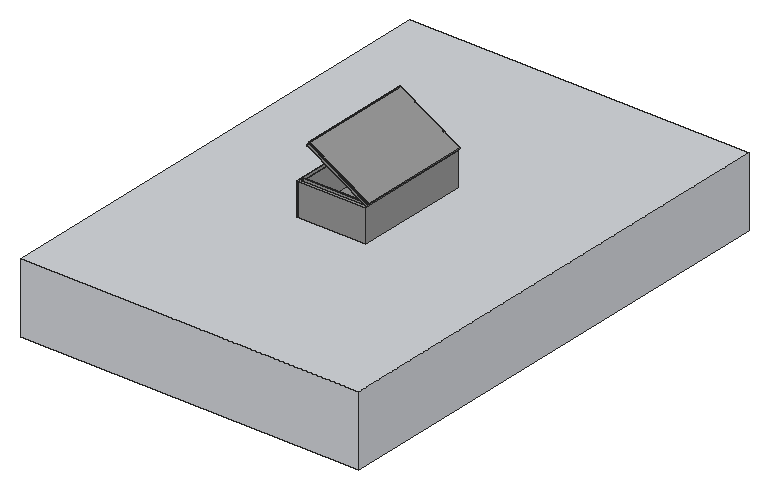
Revit family "Hager-Univers-IP44-D161-3rows-Cl.II-FWB_encl_empty-DE-de", category Equipement électrique, Revit 2020
Family settings
  Hôte = Face
  Configuration du panneau = Deux colonnes, circuits au sein
  Cote de connecteur circulaire = Utiliser le diamètre
  Type d'élément = Tableau de raccordement
  Couper avec des vides une fois chargée = Non
  Partagée = Non
  Point de calcul de pièce = Non
Parameters (values of type "Aufputz IP44 B300 H500 T161  - FWB31D")
  Width Control [instance] = if([EF000008 - Breite] > Min Width, [EF000008 - Breite], Min Width)  # 300 mm
  Commentaires du type = [HG000003 - Bereich]  # "Univers"
  Thickness Door [instance] = if([EF009171 - Materialstärke Tür/Deckel] > 3 mm, 3 mm, [EF009171 - Materialstärke Tür/Deckel])  # 2 mm
  Seal Frame Offset [instance] = 17 mm  # constant formula
  Plinth Visibility [instance] = [HG000027 - Sockelhöhe] > 0 mm  # no
  Model = ""
  Min Width [instance] = 100 mm  # constant formula
  Min Height [instance] = 100 mm  # constant formula
  Min Depth [instance] = (2 * [EF009170 - Materialstärke Gehäuse]) + 1 mm  # 5 mm
  Internal Frame Depth [instance] = (Door System Depth * 0.5)  # 9 mm
  Height Control [instance] = if([EF000040 - Höhe] > Min Height, [EF000040 - Höhe], Min Height)  # 500 mm
  HG000027 - Sockelhöhe = 0 mm
  HG000026 - Stehend auf dem Boden = no
  HG000024 - Höhe des unteren Teils = 800 mm
  HG000023 - Gehäuse mit doppeltem Querschnitt = no
  HG000016 - 3D-Türsichtbarkeit [instance] = yes
  HG000015 - Sichtbarkeit der Türöffnung [instance] = no
  HG000014 - Tür rechts [instance] = yes
  HG000013 - Tür links [instance] = not([HG000014 - Tür rechts])  # no
  HG000012 - Türschwenkwinkel [instance] = 30.00°
  HG000010 - Asymmetrische Türen = no
  HG000009 - Doppelflügeligen Tür = no
  HG000006 - Unterputz = no
  HG000004 - Herstellerreferenz = "FWB31D"
  HG000003 - Bereich = "Univers"
  HG000002 - Mit tür = yes
  Frame Offset Bottom [instance] = 10 mm  # constant formula
  Frame Offset [instance] = 15 mm  # constant formula
  EF015940 - Deckel mit Überdruckentlastung = no
  EF011959 - Schutzart (NEMA) = ""
  EF009554 - Anzahl der Öffnungen für Flanschplatten = 2
  Fabricant = "Hager"  # constant formula
  EF009212 - Ausführung Deckel = "EV000116 - geschlossen"
  EF009171 - Materialstärke Tür/Deckel = 2 mm
  EF009170 - Materialstärke Gehäuse = 2 mm
  EF008873 - Nennstrom (In) = 125 A
  EF007800 - Geeignet für Blitzschutz = no
  EF006306 - Mit Schloss = no
  EF006244 - Transparenter Deckel/Tür = no
  EF005474 - Schutzart (IP) = "EV006418 - IP44"
  EF004464 - Art der Tür = "EV002646 - Einzel"
  EF004427 - Anzahl der Module = 36
  EF004293 - Schlagfestigkeit = "EV006815 - IK09"
  EF003532 - Geeignet für Außengebrauch = no
  EF002950 - Breite in Teilungseinheiten = 12
  EF001613 - Funktionserhalt = "EV000494 - ohne"
  EF001596 - Werkstoff des Gehäuses = "EV000179 - Stahl"
  EF001131 - Innentiefe = 156 mm
  EF001088 - Anbaumöglichkeit = yes
  EF000437 - Anzahl der Leitungseinführungen = 4
  EF000339 - Art der Abdeckung = "EV004216 - Tür"
  EF000266 - Anzahl der Reihen = 0
  EF000218 - Einbautiefe = 0 mm
  EF000118 - Mit Montageplatte = no
  EF000116 - RAL-Nummer = "9010"
  EF000049 - Tiefe = 161 mm
  EF000040 - Höhe = 500 mm
  EF000008 - Breite = 300 mm
  EF000007 - Farbe = "EV000202 - weiß"
  EF000003 - Montageart = "EV000384 - Aufputz"
  Door System Leaf Tolerance [instance] = 1.5 mm  # constant formula
  Door System Depth [instance] = 18 mm  # constant formula
  Door Height [instance] = Height Control - [HG000027 - Sockelhöhe]  # 500 mm
  Depth Control [instance] = if([EF000049 - Tiefe] > Min Depth, [EF000049 - Tiefe], Min Depth)  # 161 mm
  Default Elevation = 0 mm
  Connector Offset [instance] = Height Control / 2  # 250 mm
  Bottom Top Plate Trim [instance] = 1.5 mm  # constant formula
  Plinth height Ctrl [instance] = if([HG000027 - Sockelhöhe] > 0 mm, [HG000027 - Sockelhöhe], 12 mm)  # 12 mm
Reference planes
  plane 1 "Center (Front/Back)": y = 0
  plane 2: z = 0
  plane 3 "Center (Left/Right)": x = 0
  plane 4: z = 161
  plane 5: y = 2
  plane 6: y = 250
  plane 7: y = 0
  plane 8: y = 500
  plane 9: z = 0
  plane 10: x = -135
  plane 11: x = 135
  plane 12: x = 133
  plane 13: x = -133
  plane 14: y = 498
  plane 15: x = -133
  plane 16: x = -150
  plane 17: x = 133
  plane 18: x = 150
  plane 19: x = 148
  plane 20: x = -148
  plane 21: y = 12
  plane 22: y = 500
  plane 23: y = 483
  plane 24: z = 143
  plane 25: z = 2
  plane 26: z = 141
  plane 27: z = 159
Forms (mm)
  Extrusion 1, solid
    sketch origin (0, 0, 0) x (1, 0, 0) y (0, 1, 0)
      loop
        line (-702.964, 1305) -> (-702.964, -811.445) -> (766.763, -811.445) -> (766.763, 1305) -> (-702.964, 1305)
    from 0 to -304.8
  Extrusion 2, solid, material "Hager_Steel_RAL7035_Light_Grey", visible <- "Plinth Visibility", detail levels medium+fine
    sketch origin (0, 0, 0) x (1, 0, 0) y (0, 1, 0)
      loop
        line (-150, 0) -> (150, 0) -> (150, 12) -> (-150, 12) -> (-150, 0)
    from 0 to 143
  Extrusion 3, solid, material "Hager_Steel_RAL7035_Light_Grey", detail levels medium+fine
    sketch origin (0, 0, 0) x (1, 0, 0) y (0, 1, 0)
      loop
        line (-150, 0) -> (150, 0) -> (150, 500) -> (-150, 500) -> (-150, 0)
    from 0 to 143
  Extrusion 4, void
    sketch origin (0, 0, 0) x (1, 0, 0) y (0, 1, 0)
      loop
        line (-148, 2) -> (148, 2) -> (148, 498) -> (-148, 498) -> (-148, 2)
    from 2 to 141
  Extrusion 5, void
    sketch origin (-381.607, -4572, 143) x (0, -1, 0) y (-1, 0, 0)
      loop
        line (-4584, -248.607) -> (-5055, -248.607) -> (-5055, -514.607) -> (-4584, -514.607) -> (-4584, -248.607)
    from 0 to 2 <- "EF009170 - Materialstärke Gehäuse"
  Extrusion 6, solid, material "Hager_Steel_RAL7035_Light_Grey", detail levels fine
    sketch origin (0, 0, 143) x (1, 0, 0) y (0, 1, 0)
      loop
        line (-133, 483) -> (-133, 12) -> (133, 12) -> (133, 483) -> (-133, 483)
      loop
        line (-135, 10) -> (135, 10) -> (135, 485) -> (-135, 485) -> (-135, 10)
    from 0 to 9 <- "Internal Frame Depth"
  Extrusion 7, solid, material "Hager_Steel_RAL7035_Light_Grey", detail levels coarse
    sketch origin (0, 0, 0) x (1, 0, 0) y (0, 1, 0)
      loop
        line (-150, 0) -> (150, 0) -> (150, 500) -> (-150, 500) -> (-150, 0)
    from 0 to 161
  Sweep 8, void
    path in 3D
      loop
        line (-150, 12, 0) -> (150, 12, 0) -> (150, 12, 143) -> (-150, 12, 143) -> (-150, 12, 0)
    profile origin (-150, 12, 71.5) x (-1, 0, 0) y (0, -1, 0)
      loop
        line (0, 0) -> (0, 1.5) -> (-1.5, 1.5)
        arc (-1.5, 1.5) -> (-1.061, 0.439) -> (0, 0) r 1.5
Cuts and joins
  Extrusion 4, Extrusion 5 cuts Extrusion 3
  Sweep 8 cuts Extrusion 2
Lines and regions (mm)
  Masking region 1
    outline origin (0, 0, 0) x (1, 0, 0) y (0, 0, 1)
      loop
        line (-150, 161) -> (-150, 0) -> (150, 0) -> (150, 161) -> (-150, 161)
  Masking region 2, detail levels medium+fine
    outline origin (0, 140, 0) x (0, 1, 0) y (0, 0, 1)
      loop
        line (-140, 0) -> (360, 0) -> (360, 143) -> (-140, 143) -> (-140, 0)
  Masking region 3, not visible, detail levels medium+fine
    outline origin (0, 297.922, 0) x (0, 1, 0) y (0, 0, 1)
      loop
        line (-36.422, 0) -> (3.578, 0) -> (3.578, 149)
        arc (3.578, 149) -> (0.649, 156.071) -> (-6.422, 159) r 10
        line (-6.422, 159) -> (-36.422, 159) -> (-36.422, 0)
  Masking region 4, detail levels coarse
    outline origin (0, 0, 180) x (0, 1, 0) y (0, 0, 1)
      loop
        line (0, -180) -> (500, -180) -> (500, -19) -> (0, -19) -> (0, -180)
  Masking region 5, visible <- "Plinth Visibility", detail levels medium+fine
    outline origin (0, 52.24, 12.345) x (0, 0, -1) y (0, 1, 0)
      loop
        line (10.845, -40.24) -> (-129.155, -40.24)
        arc (-129.155, -40.24) -> (-129.594, -41.301) -> (-130.655, -41.74) r 1.5
        line (-130.655, -41.74) -> (-130.655, -52.24) -> (12.345, -52.24) -> (12.345, -41.74)
        arc (12.345, -41.74) -> (11.285, -41.301) -> (10.845, -40.24) r 1.5
  Masking region 6, detail levels medium+fine
    outline origin (-381.607, -4572, 143) x (-1, 0, 0) y (0, -1, 0)
      loop
        line (-231.607, -5072) -> (-231.607, -4572) -> (-531.607, -4572) -> (-531.607, -5072) -> (-231.607, -5072)
  Masking region 7, visible <- "Plinth Visibility", detail levels medium+fine
    outline origin (-381.607, -4727, 143) x (-1, 0, 0) y (0, -1, 0)
      loop
        arc (-233.107, -4739) -> (-232.668, -4737.939) -> (-231.607, -4737.5) r 1.5
        line (-231.607, -4737.5) -> (-231.607, -4727) -> (-531.607, -4727) -> (-531.607, -4737.5)
        arc (-531.607, -4737.5) -> (-530.546, -4737.939) -> (-530.107, -4739) r 1.5
        line (-530.107, -4739) -> (-233.107, -4739)
  Masking region 8, detail levels coarse
    outline origin (-442.548, -4669.526, 143) x (-1, 0, 0) y (0, -1, 0)
      loop
        line (-292.548, -5169.526) -> (-292.548, -4669.526) -> (-592.548, -4669.526) -> (-592.548, -5169.526) -> (-292.548, -5169.526)
  sketch lines
    curve 1: line (-150, 12, 143) -> (-150, 12, 0)
    curve 2: line (150, 12, 143) -> (-150, 12, 143)
    curve 3: line (150, 12, 143) -> (150, 12, 0)
    curve 4: line (-150, 12, 0) -> (150, 12, 0)
Dimensions and locks
  "Depth Control": plane 4 to Extrusion 1
  "HG000027 - Sockelhöhe": plane 1 "Center (Front/Back)" to plane 7
  "EF009170 - Materialstärke Gehäuse": plane 5 to plane 7
  locked: connector elem to plane 3 "Center (Left/Right)"
  equal spacing: plane 8, plane 6, plane 7
  locked: connector elem to plane 6
  "EF009170 - Materialstärke Gehäuse": plane 8 to plane 14
  "EF009170 - Materialstärke Gehäuse": plane 10 to plane 13
  "EF009170 - Materialstärke Gehäuse": plane 12 to plane 11
  "Frame Offset": plane 20 to plane 13
  "Frame Offset": plane 12 to plane 19
  "EF009170 - Materialstärke Gehäuse": plane 16 to plane 20
  "EF009170 - Materialstärke Gehäuse": plane 19 to plane 18
  "Seal Frame Offset": plane 16 to plane 15
  "Seal Frame Offset": plane 17 to plane 18
  "Frame Offset Bottom": plane 21 to plane 5
  "Frame Offset": plane 14 to plane 23
  equal spacing: plane 16, plane 3 "Center (Left/Right)", plane 18
  "Width Control": plane 16 to plane 18
  "EF009170 - Materialstärke Gehäuse": plane 4 to plane 27
  "EF009170 - Materialstärke Gehäuse": plane 24 to plane 26
  "EF009170 - Materialstärke Gehäuse": plane 25 to level
  "Door System Depth": plane 4 to plane 24
  "Height Control": plane 1 "Center (Front/Back)" to Extrusion 7 sketch curve
  "Height Control": Masking region 4 sketch curve to plane 1 "Center (Front/Back)"
  "Height Control": plane 1 "Center (Front/Back)" to plane 22
  "Bottom Top Plate Trim": profile plane to Sweep 8 sketch curve
  "Bottom Top Plate Trim": Sweep 8 sketch curve to profile plane
  "Plinth height Ctrl": plane 1 "Center (Front/Back)" to Extrusion 2 sketch curve
  "Plinth height Ctrl": Masking region 5 sketch curve to plane 1 "Center (Front/Back)"
  "Plinth height Ctrl": plane 1 "Center (Front/Back)" to Masking region 7 sketch curve
  "Thickness Door": Extrusion 6 sketch curve to Extrusion 6 sketch curve  (x3)
  "Thickness Door": cut or joined group of Extrusion 3, Extrusion 4, Extrusion 5 to Extrusion 6 sketch curve
  radius of Masking region 3 sketch curve = 10 mm
  "Bottom Top Plate Trim": radius of Masking region 5 sketch curve  (x2)
  "Bottom Top Plate Trim": radius of Sweep 8 sketch curve
  "Bottom Top Plate Trim": radius of Masking region 7 sketch curve  (x2)
  aligned and locked: plane 2 to Extrusion 1
  aligned and locked: level to Extrusion 1
  aligned and locked: level to Masking region 1 sketch curve
  aligned and locked: Masking region 1 sketch curve to plane 18
  aligned and locked: Masking region 1 sketch curve to plane 16
  aligned and locked: plane 7 to Masking region 2 sketch curve
  aligned and locked: level to Masking region 3 sketch curve
  aligned and locked: Masking region 3 sketch curve to plane 27
  aligned and locked: level to Masking region 2 sketch curve
  aligned and locked: plane 1 "Center (Front/Back)" to Extrusion 2 sketch curve
  aligned and locked: Extrusion 3 sketch curve to plane 7
  aligned and locked: plane 16 to Extrusion 3 sketch curve
  aligned and locked: plane 18 to Extrusion 3 sketch curve
  aligned and locked: plane 20 to Extrusion 4 sketch curve
  aligned and locked: plane 19 to Extrusion 4 sketch curve
  aligned and locked: Extrusion 4 sketch curve to plane 5
  aligned and locked: Extrusion 4 to plane 25
  aligned and locked: plane 26 to Extrusion 4
  aligned and locked: plane 24 to Extrusion 3
  aligned and locked: plane 21 to Extrusion 5 sketch curve
  aligned and locked: Extrusion 5 sketch curve to plane 13
  aligned and locked: Extrusion 5 sketch curve to plane 12
  aligned and locked: plane 18 to Extrusion 7 sketch curve
  aligned and locked: plane 1 "Center (Front/Back)" to Extrusion 7 sketch curve
  aligned and locked: plane 16 to Extrusion 7 sketch curve
  aligned and locked: plane 4 to Extrusion 7
  aligned and locked: Extrusion 7 to level
  aligned and locked: level to Masking region 4 sketch curve
  aligned and locked: Masking region 4 sketch curve to plane 1 "Center (Front/Back)"
  aligned and locked: Masking region 4 sketch curve to plane 4
  aligned and locked: nested 1 to level
  aligned and locked: nested 1 to plane 16
  aligned and locked: plane 8 to Extrusion 3 sketch curve
  aligned and locked: plane 23 to Extrusion 5 sketch curve
  aligned and locked: plane 14 to Extrusion 4 sketch curve
  aligned and locked: Masking region 2 sketch curve to plane 8
  aligned and locked: level to Masking region 5 sketch curve
  aligned and locked: plane 16 to Extrusion 2 sketch curve
  aligned and locked: plane 18 to Extrusion 2 sketch curve
  aligned and locked: Masking region 5 sketch curve to plane 24
  aligned and locked: Masking region 2 sketch curve to plane 24
  aligned and locked: plane 24 to Extrusion 2
  aligned and locked: profile plane to Sweep 8 sketch curve  (x2)
  aligned and locked: Masking region 6 sketch curve to plane 18
  aligned and locked: Masking region 6 sketch curve to plane 22
  aligned and locked: Masking region 6 sketch curve to plane 16
  aligned and locked: plane 8 to plane 22
  aligned and locked: plane 7 to Masking region 6 sketch curve
  aligned and locked: Masking region 7 sketch curve to plane 16
  aligned and locked: Masking region 7 sketch curve to plane 1 "Center (Front/Back)"
  aligned and locked: Masking region 7 sketch curve to plane 18
  aligned and locked: Masking region 8 sketch curve to plane 1 "Center (Front/Back)"
  aligned and locked: Masking region 8 sketch curve to plane 18
  aligned and locked: Masking region 8 sketch curve to plane 22
  aligned and locked: Masking region 8 sketch curve to plane 16
  aligned and locked: nested 2 to plane 7
  aligned and locked: plane 3 "Center (Left/Right)" to nested 2
  aligned and locked: plane 24 to nested 2
  aligned and locked: Extrusion 6 sketch curve to cut or joined group of Extrusion 3, Extrusion 4, Extrusion 5  (x4)
Automatic sketch dimensions
  Extrusion 1 sketch curve to Extrusion 1 sketch curve = 1469.727 mm
  Extrusion 1 sketch curve to Extrusion 1 sketch curve = 2116.445 mm
  Masking region 1 sketch curve to plane 4 = 0 mm
  plane 6 to Masking region 3 sketch curve = 11.5 mm
  Masking region 3 sketch curve to Masking region 3 sketch curve = 30 mm
  Masking region 5 sketch curve to plane 1 "Center (Front/Back)" = 0 mm
Nested families
  nested 1: "Hager_Enclosure_Symbol" at (-150, 0, 0) x (1, 0, 0) z (0, -1, 0), Height <- "Depth Control", Width <- "Width Control", type "Hager_Enclosure_Symbol"
    with Width_Ctrl 300 mm, Width 300 mm, Height_Ctrl 161 mm, Height 161 mm, A_Width_Int 10.566 mm, A_Width 126.788 mm, A_Height_Ctrl 140.875 mm, A_Height 140.875 mm
  nested 2: "EC000058_Univers_Door" at (0, 0, 143) x (1, 0, 0) z (0, 1, 0), Leaf_Tolerance <- "Door System Leaf Tolerance", Angle <- "HG000012 - Türschwenkwinkel", Door_Depth <- "Door System Depth", Door_Left <- "HG000013 - Tür links", Transparent <- "EF006244 - Transparenter Deckel/Tür", Assymetrical <- "HG000010 - Asymmetrische Türen", Width <- "Width Control", Clearance <- "HG000015 - Sichtbarkeit der Türöffnung", Double <- "HG000009 - Doppelflügeligen Tür", 3d_Door <- "HG000016 - 3D-Türsichtbarkeit", Lock_Visibility <- "EF006306 - Mit Schloss", Width_Ctrl <- "Width Control", Door_Right <- "HG000014 - Tür rechts", Door <- "HG000002 - Mit tür", Height <- "Door Height", Thickness <- "Thickness Door", type "EC000058_Univers_Door", detail levels medium+fine
    with min_wh 5 mm, Width_Ctrl 300 mm, Width 300 mm, Transparent no, Thickness 2 mm, Seal_Material Hager_Rubber, Lock_Visibility no, Lock_Material Hager_Plastic_RAL9005_Jet_Black, Leaf_Width 300 mm, Leaf_Tolerance_External_Sides 0 mm, Leaf_Tolerance 1.5 mm, Leaf_Offset 0 mm, Leaf_Height 497 mm, Leaf_2_Width 300 mm, Leaf_2_Offset 150 mm, Leaf_1_Width 300 mm, Leaf_1_Offset 150 mm, Height_Ctrl 500 mm, Height 500 mm, Glass_Material Hager_Glass, Double_Clearance_Ctrl no, Double no, Door_Right_Ctrl yes, Door_Right yes, Door_Material Hager_Steel_RAL7035_Light_Grey, Door_Left_Ctrl no, Door_Left no, Door_Depth 18 mm, Door yes, Clearance_Material Hager_Clearance, Clearance_Depth 300 mm, Clearance_Ctrl no, Clearance no, Assymetrical no, Angle 30.00°, 3d_Door yes
Connectors
  electrical at (0, 250, 0)
    settings: on plane 9, index 1, voltage 0 V, apparent load 0 VA, apparent load phase1 0 VA, apparent load phase2 0 VA, apparent load phase3 0 VA, power factor 1, load classification "Other", number of poles 1, system type 30, power factor state 1, is connector primary yes, connector utility no, sub classification motor no, connector description ""
Definition of nested family "EC000058_Univers_Door"
  Parameters (values of type "EC000058_Univers_Door")
    min_wh [instance] = (2 * Thickness) + 1 mm  # 11 mm
    Width_Ctrl [instance] = 400 mm
    Width [instance] = 500 mm
    Transparent [instance] = yes
    Thickness [instance] = 5 mm
    Seal_Material [instance] = none
    Lock_Visibility [instance] = yes
    Lock_Material [instance] = none
    Leaf_Width [instance] = if((Width_Ctrl - 2 * Leaf_Tolerance_External_Sides) > 0 mm, (Width_Ctrl - 2 * Leaf_Tolerance_External_Sides), min_wh)  # 400 mm
    Leaf_Tolerance_External_Sides [instance] = 0 mm  # constant formula
    Leaf_Tolerance [instance] = 1.5 mm
    Leaf_Offset [instance] = 0 mm  # constant formula
    Leaf_Height [instance] = if((Height_Ctrl - 2 * Leaf_Tolerance) > 0 mm, (Height_Ctrl - 2 * Leaf_Tolerance), min_wh)  # 497 mm
    Leaf_2_Width [instance] = if(and(and(Double, Assymetrical), Door_Left), (Leaf_Width / 3) - (Leaf_Tolerance / 2), if(and(and(Double, Assymetrical), Door_Right), (Leaf_Width / 3) * 2 - (Leaf_Tolerance / 2), if(and(Double, not(Assymetrical)), (Leaf_Width / 2) - Leaf_Tolerance, Leaf_Width)))  # 400 mm
    Leaf_2_Offset [instance] = if(and(Double, Assymetrical), Leaf_2_Width / 2, if(and(Double, not(Assymetrical)), Leaf_Width / 4, Leaf_Width / 2))  # 200 mm
    Leaf_1_Width [instance] = if(and(and(Double, Assymetrical), Door_Right), (Leaf_Width / 3) - (Leaf_Tolerance / 2), if(and(and(Double, Assymetrical), Door_Left), (Width / 3) * 2 - (Leaf_Tolerance / 2), if(and(Double, not(Assymetrical)), (Leaf_Width / 2) - Leaf_Tolerance, Leaf_Width)))  # 400 mm
    Leaf_1_Offset [instance] = if(and(Double, Assymetrical), Leaf_1_Width / 2, if(and(Double, not(Assymetrical)), Leaf_Width / 4, Leaf_Width / 2))  # 200 mm
    Height_Ctrl [instance] = if(Height > min_wh, Height, min_wh)  # 500 mm
    Height [instance] = 500 mm
    Glass_Material [instance] = none
    Double_Clearance_Ctrl [instance] = and(Double, Clearance)  # no
    Double [instance] = no
    Door_Right_Ctrl [instance] = and(or(Door_Right, Double), Door)  # yes
    Door_Right [instance] = yes
    Door_Material [instance] = none
    Door_Left_Ctrl [instance] = and(or(Door_Left, Double), Door)  # no
    Door_Left [instance] = no
    Door_Depth [instance] = 30 mm
    Door [instance] = yes
    Default Elevation = 1219.2 mm
    Clearance_Material [instance] = none
    Clearance_Depth [instance] = if(Leaf_1_Width > Leaf_2_Width, Leaf_1_Width, Leaf_2_Width)  # 400 mm
    Clearance_Ctrl [instance] = and(not(Double), Clearance)  # yes
    Clearance [instance] = yes
    Assymetrical [instance] = yes
    Angle [instance] = 30.00°
    3d_Door [instance] = yes
  Reference planes
    plane 1 "Center (Front/Back)": y = 0
    plane 2 "Bottom": z = 0
    plane 3 "Center (Left/Right)": x = 0
    plane 4: z = 500
    plane 5: x = -200
    plane 6: x = 200
    plane 7: z = 500
    plane 8: x = -200
    plane 9: z = 0
    plane 10: x = 200
    plane 11: y = 0
    plane 12: z = 1.5
    plane 13: x = -600
    plane 14: y = -400
    plane 15: x = 600
    plane 16: x = 0
    plane 17: x = 0
    plane 18: x = -200
    plane 19: x = 200
    plane 20: z = 498.5
  Forms (mm)
    Extrusion 1, solid, material <- "Clearance_Material", visible <- "Double_Clearance_Ctrl"
      sketch origin (1200, 0, 0) x (1, 0, 0) y (0, 0, -1)
        loop
          line (-1800, -498.5) -> (-600, -498.5) -> (-600, 0) -> (-1800, 0) -> (-1800, -498.5)
      from 0 to -400
  Dimensions and locks
    equal spacing: plane 5, plane 3 "Center (Left/Right)", plane 6
    "Width_Ctrl": plane 5 to plane 6
    "Leaf_Offset": plane 5 to plane 8
    "Leaf_Offset": plane 6 to plane 10
    "Leaf_Offset": plane 9 to level
    "Leaf_Offset": plane 4 to plane 7
    "Height_Ctrl": plane 4 to level
    "Leaf_Tolerance": plane 12 to plane 9
    locked: plane 11 to plane 1 "Center (Front/Back)"
    "Leaf_1_Offset": plane 18 to plane 16
    "Leaf_2_Offset": plane 17 to plane 19
    "Leaf_1_Width": plane 13 to plane 8
    "Leaf_2_Width": plane 10 to plane 15
    "Clearance_Depth": plane 14 to plane 1 "Center (Front/Back)"
    "Leaf_Tolerance_External_Sides": plane 8 to plane 18
    "Leaf_Tolerance_External_Sides": plane 19 to plane 10
    "Leaf_Tolerance": plane 7 to plane 20
    aligned and locked: level to plane 2 "Bottom"
    aligned and locked: nested 1 to plane 16
    aligned and locked: nested 2 to plane 17
    aligned and locked: Extrusion 1 to plane 13
    aligned and locked: plane 15 to Extrusion 1
    aligned and locked: Extrusion 1 to plane 14
    aligned and locked: plane 12 to nested 1
    aligned and locked: nested 2 to plane 12
    aligned and locked: Extrusion 1 to plane 11
    aligned and locked: plane 20 to Extrusion 1
    aligned and locked: nested 2 to plane 11
    aligned and locked: nested 1 to plane 11
  Automatic sketch dimensions
    Extrusion 1 sketch curve to level = 0 mm
    plane 5 to Extrusion 1 sketch curve = 400 mm
    plane 6 to Extrusion 1 sketch curve = 400 mm
    Extrusion 1 sketch curve to plane 4 = 1.5 mm
  Nested families
    nested 1: "EC000058_Univers_Door_Leaf" at (0, 0, 1.5), Width <- "Leaf_1_Width", visible <- "Door_Left_Ctrl", Leaf_Height <- "Leaf_Height", Angle <- "Angle", 3d_Door <- "3d_Door", Transparent <- "Transparent", Clearance Material <- "Clearance_Material", Clearance <- "Clearance_Ctrl", Door_Material <- "Door_Material", Glass_Material <- "Glass_Material", Door_Depth <- "Door_Depth", Lock_Material <- "Lock_Material", Seal_Material <- "Seal_Material", Lock_Visibility <- "Lock_Visibility", Thickness <- "Thickness", type "EC000058_Univers_Door_Leaf"
      with Width 400 mm, Transparent_Glass_Offset 30 mm, Transparent_Ctrl yes, Transparent yes, Thickness 5 mm, Standard no, Seal_Material none, Seal_D2 8 mm, Seal_D1 1 mm, Offset_Internal_Frame 10 mm, Lock_Width 20 mm, Lock_Visibility_3d yes, Lock_Visibility yes, Lock_Thickness_3 3 mm, Lock_Thickness_2 1 mm, Lock_Thickness_1 3 mm, Lock_Radius_Offset_2 16 mm, Lock_Radius_Offset_1 15 mm, Lock_Radius_2 5 mm, Lock_Radius 6 mm, Lock_Offset 5 mm, Lock_Material none, Lock_Height 80 mm, Lock_Cover_Top_Offset_2d 17 mm, Lock_Cover_Height -65 mm, Leaf_Height 497 mm, Internal_Seal_Thickness 8 mm, Internal_Seal_Depth_2 4.5 mm, Internal_Frame_Depth 25 mm, Glass_Thickness -1 mm, Glass_Offset -2 mm, Glass_Material none, Door_Material none, Door_Depth 30 mm, Clearance Material none, Clearance yes, Angle_Ctrl 30.00°, Angle 30.00°, 3d_Door yes
    nested 2: "EC000058_Univers_Door_Leaf" at (0, 0, 1.5) x (-1, 0, 0) z (0, 0, 1), Width <- "Leaf_2_Width", visible <- "Door_Right_Ctrl", Leaf_Height <- "Leaf_Height", Angle <- "Angle", 3d_Door <- "3d_Door", Transparent <- "Transparent", Clearance Material <- "Clearance_Material", Clearance <- "Clearance_Ctrl", Door_Material <- "Door_Material", Glass_Material <- "Glass_Material", Door_Depth <- "Door_Depth", Lock_Material <- "Lock_Material", Seal_Material <- "Seal_Material", Lock_Visibility <- "Lock_Visibility", Thickness <- "Thickness", type "EC000058_Univers_Door_Leaf"
      with Width 400 mm, Transparent_Glass_Offset 30 mm, Transparent_Ctrl yes, Transparent yes, Thickness 5 mm, Standard no, Seal_Material none, Seal_D2 8 mm, Seal_D1 1 mm, Offset_Internal_Frame 10 mm, Lock_Width 20 mm, Lock_Visibility_3d yes, Lock_Visibility yes, Lock_Thickness_3 3 mm, Lock_Thickness_2 1 mm, Lock_Thickness_1 3 mm, Lock_Radius_Offset_2 16 mm, Lock_Radius_Offset_1 15 mm, Lock_Radius_2 5 mm, Lock_Radius 6 mm, Lock_Offset 5 mm, Lock_Material none, Lock_Height 80 mm, Lock_Cover_Top_Offset_2d 17 mm, Lock_Cover_Height -65 mm, Leaf_Height 497 mm, Internal_Seal_Thickness 8 mm, Internal_Seal_Depth_2 4.5 mm, Internal_Frame_Depth 25 mm, Glass_Thickness -1 mm, Glass_Offset -2 mm, Glass_Material none, Door_Material none, Door_Depth 30 mm, Clearance Material none, Clearance yes, Angle_Ctrl 30.00°, Angle 30.00°, 3d_Door yes
  Definition of nested family "EC000058_Univers_Door_Leaf"
    Parameters (values of type "EC000058_Univers_Door_Leaf")
      Width [instance] = 2000 mm
      Transparent_Glass_Offset [instance] = 30 mm
      Transparent_Ctrl [instance] = and(Transparent, [3d_Door])  # yes
      Transparent [instance] = yes
      Thickness [instance] = 5 mm
      Standard [instance] = and(not(Transparent), [3d_Door])  # no
      Seal_Material [instance] = none
      Seal_D2 [instance] = 8 mm  # constant formula
      Seal_D1 [instance] = 1 mm  # constant formula
      Offset_Internal_Frame [instance] = 10 mm  # constant formula
      Lock_Width [instance] = 20 mm  # constant formula
      Lock_Visibility_3d [instance] = and(Lock_Visibility, [3d_Door])  # yes
      Lock_Visibility [instance] = yes
      Lock_Thickness_3 [instance] = 3 mm  # constant formula
      Lock_Thickness_2 [instance] = 1 mm  # constant formula
      Lock_Thickness_1 [instance] = 3 mm  # constant formula
      Lock_Radius_Offset_2 [instance] = Lock_Radius_Offset_1 + 1 mm  # 16 mm
      Lock_Radius_Offset_1 [instance] = 15 mm  # constant formula
      Lock_Radius_2 [instance] = Lock_Radius - 1 mm  # 5 mm
      Lock_Radius [instance] = 6 mm  # constant formula
      Lock_Offset [instance] = 5 mm  # constant formula
      Lock_Material [instance] = none
      Lock_Height [instance] = 80 mm  # constant formula
      Lock_Cover_Top_Offset_2d [instance] = Lock_Radius_Offset_2 + 1 mm  # 17 mm
      Lock_Cover_Height [instance] = -(Lock_Height - Lock_Radius_Offset_1)  # -65 mm
      Leaf_Height [instance] = 2720.336 mm
      Internal_Seal_Thickness [instance] = 8 mm  # constant formula
      Internal_Seal_Depth_2 [instance] = 4.5 mm  # constant formula
      Internal_Frame_Depth [instance] = if(Door_Depth - Thickness > 5 mm, Door_Depth - Thickness, 5 mm)  # 25 mm
      Glass_Thickness [instance] = if(Thickness > 15 mm, Glass_Offset + 10 mm, -1 mm)  # -1 mm
      Glass_Offset [instance] = if(Thickness > 15 mm, -(Thickness + 10 mm) / 2, -2 mm)  # -2 mm
      Glass_Material [instance] = none
      Door_Material [instance] = none
      Door_Depth [instance] = 30 mm
      Default Elevation = 0 mm
      Clearance Material [instance] = none
      Clearance [instance] = yes
      Angle_Ctrl [instance] = if(Angle > 180.00°, 180.00°, Angle)  # 90.00°
      Angle [instance] = 90.00°
      3d_Door [instance] = yes
    Reference planes
      plane 1 "Center (Front/Back)": y = 0
      plane 2: z = 0
      plane 3 "Center (Left/Right)": x = 0
      plane 4: y = 2000
      plane 5: x = -1000
      plane 6: x = 1000
      plane 7: x = -3000
      plane 8: z = 2720.336
      plane 9: z = 30
      plane 10: z = 2690.336
      plane 11: x = 970
      plane 12: x = -970
      plane 13: y = -3
      plane 14: z = 107.833
      plane 15: y = -5
      plane 16: y = -223.314
      plane 17: x = -1000
      plane 18: z = 1360.168
      plane 19: y = 30
    Forms (mm)
      Extrusion 1, solid, material <- "Clearance Material", visible <- "Clearance"
        sketch origin (0, 0, 0) x (1, 0, 0) y (0, 0, 1)
          loop
            line (-3000, 2720.336) -> (-3000, 0) -> (1000, 0) -> (1000, 2720.336) -> (-3000, 2720.336)
        from 0 to -2000
      Extrusion 2, solid, material <- "Door_Material", visible <- "Standard", detail levels medium+fine
        sketch origin (-1000, 0, 0) x (0, 1, 0) y (-1, 0, 0)
          loop
            line (0, 30) -> (0, 25) -> (2000, 25) -> (2000, 30) -> (0, 30)
        from 0 to 2720.336 <- "Leaf_Height"
      Extrusion 3, solid, material <- "Door_Material", visible <- "Transparent_Ctrl", detail levels medium+fine
        sketch origin (-1000, 0, 0) x (0, 1, 0) y (-1, 0, 0)
          loop
            line (0, 25) -> (2000, 25) -> (2000, 30) -> (0, 30) -> (0, 25)
        from 0 to 2720.336 <- "Leaf_Height"
      Extrusion 4, void
        sketch origin (-1025, 2000, 0) x (0, 1, 0) y (0, 0, -1)
          loop
            line (-30, -2690.336) -> (-30, -30) -> (-1970, -30) -> (-1970, -2690.336) -> (-30, -2690.336)
        from 0 to 5 <- "Thickness"
      Sweep 5, solid, material <- "Seal_Material", visible <- "Transparent_Ctrl", detail levels fine
        path in 3D
          loop
            line (-1025, 30, 30) -> (-1025, 30, 2690.336) -> (-1025, 1970, 2690.336) -> (-1025, 1970, 30) -> (-1025, 30, 30)
        profile origin (-1025, 1000, 30) x (1, 0, 0) y (0, 0, 1)
          loop
            line (0, 0) -> (0, -8) -> (1, -8) -> (1, 0) -> (0, 0)
      Extrusion 6, solid, material <- "Glass_Material", visible <- "Transparent_Ctrl", detail levels medium+fine
        sketch origin (-1030, 0, 0) x (0, 1, 0) y (0, 0, -1)
          loop
            line (1970, -2690.336) -> (1970, -30) -> (30, -30) -> (30, -2690.336) -> (1970, -2690.336)
        from -2 <- "Glass_Offset" to -1 <- "Glass_Thickness"
      Extrusion 7, solid, material <- "Door_Material", visible <- "3d_Door", detail levels medium+fine
        sketch origin (-1025, 2000, 0) x (0, -1, 0) y (0, 0, -1)
          loop
            line (0, -2720.336) -> (2000, -2720.336) -> (2000, 0) -> (0, 0) -> (0, -2720.336)
          loop
            line (1995, -5) -> (5, -5) -> (5, -2715.336) -> (1995, -2715.336) -> (1995, -5)
        from 0 to 25 <- "Internal_Frame_Depth"
      Sweep 8, solid, material <- "Seal_Material", visible <- "Transparent_Ctrl", detail levels fine
        path in 3D
          loop
            line (-1025, 0, 0) -> (-1025, 2000, 0) -> (-1025, 2000, 2720.336) -> (-1025, 0, 2720.336) -> (-1025, 0, 0)
        profile origin (-1025, 0, 1360.168) x (1, 0, 0) y (0, 1, 0)
          loop
            line (0, 10) -> (2.975, 10)
            arc (2.975, 10) -> (4.053, 10.447) -> (4.5, 11.525) r 1.525
            line (4.5, 11.525) -> (4.5, 16.527)
            arc (4.5, 16.527) -> (4.069, 17.569) -> (3.027, 18) r 1.473
            line (3.027, 18) -> (0, 18) -> (0, 10)
      Extrusion 9, solid, material <- "Lock_Material", visible <- "Lock_Visibility_3d", detail levels fine
        sketch origin (-1030, 0, 0) x (0, 1, 0) y (0, 0, -1)
          loop
            arc (1993.5, -1400.168) -> (1994.561, -1399.729) -> (1995, -1398.668) r 1.5
            line (1995, -1398.668) -> (1995, -1320.168) -> (1975, -1320.168) -> (1975, -1398.668)
            arc (1975, -1398.668) -> (1975.439, -1399.729) -> (1976.5, -1400.168) r 1.5
            line (1976.5, -1400.168) -> (1993.5, -1400.168)
        from 3 <- "Lock_Thickness_1" to 0
      Blend 10, solid, material <- "Lock_Material", visible <- "Lock_Visibility_3d", detail levels fine
        base sketch origin (-1033, 0, 0) x (0, 1, 0) y (0, 0, -1)
          loop
            line (1975, -1320.168) -> (1975, -1398.668)
            arc (1975, -1398.668) -> (1975.439, -1399.729) -> (1976.5, -1400.168) r 1.5
            line (1976.5, -1400.168) -> (1993.5, -1400.168)
            arc (1993.5, -1400.168) -> (1994.561, -1399.729) -> (1995, -1398.668) r 1.5
            line (1995, -1398.668) -> (1995, -1320.168) -> (1975, -1320.168)
        top sketch origin (-1033, 0, 0) x (0, 1, 0) y (0, 0, -1)
          loop
            line (1976, -1320.168) -> (1976, -1398.668)
            arc (1976, -1398.668) -> (1976.146, -1399.022) -> (1976.5, -1399.168) r 0.5
            line (1976.5, -1399.168) -> (1993.5, -1399.168)
            arc (1993.5, -1399.168) -> (1993.854, -1399.022) -> (1994, -1398.668) r 0.5
            line (1994, -1398.668) -> (1994, -1320.168) -> (1976, -1320.168)
        from 0 to 1 <- "Lock_Thickness_2"
      Blend 11, solid, material <- "Lock_Material", visible <- "Lock_Visibility_3d", detail levels fine
        base sketch origin (-1034, 0, 0) x (0, 1, 0) y (0, 0, -1)
          loop
            line (1978, -1320.168) -> (1978, -1384.168)
            arc (1978, -1384.168) -> (1985, -1391.168) -> (1992, -1384.168) r 7
            line (1992, -1384.168) -> (1992, -1320.168) -> (1978, -1320.168)
        top sketch origin (-1034, 0, 0) x (0, 1, 0) y (0, 0, -1)
          loop
            line (1991, -1320.168) -> (1979, -1320.168) -> (1979, -1383.168)
            arc (1979, -1383.168) -> (1985, -1389.168) -> (1991, -1383.168) r 6
            line (1991, -1383.168) -> (1991, -1320.168)
        from 0 to 3 <- "Lock_Thickness_3"
      Extrusion 12, solid, material <- "Lock_Material", visible <- "Lock_Visibility_3d", detail levels fine
        sketch origin (-1030, 1975, 1320.168) x (1, 0, 0) y (0, -1, 0)
          loop
            line (-7, -19) -> (-7, -1) -> (0, -1) -> (0, 0) -> (-8, 0) -> (-8, -20) -> (0, -20) -> (0, -19) -> (-7, -19)
        from 0 to -65 <- "Lock_Cover_Height"
      Extrusion 13, void
        sketch origin (-1038, 1995, 1320.168) x (-1, 0, 0) y (0, 0, -1)
          loop
            line (-5, -65) -> (0, -65) -> (-5, -60) -> (-5, -65)
        from 0 to 20 <- "Lock_Width"
      Extrusion 14, void
        sketch origin (-1038, 1975, 1320.168) x (0, -1, 0) y (0, 0, -1)
          loop
            circle (-10, -15.995) r 6
          loop
            circle (-10, -15.995) r 5
        from 0 to 2
      Extrusion 15, solid, material <- "Lock_Material", visible <- "Lock_Visibility_3d", detail levels medium
        sketch origin (-1030, 0, 0) x (0, 1, 0) y (0, 0, -1)
          loop
            arc (1993.5, -1400.168) -> (1994.561, -1399.729) -> (1995, -1398.668) r 1.5
            line (1995, -1398.668) -> (1995, -1320.168) -> (1975, -1320.168) -> (1975, -1398.668)
            arc (1975, -1398.668) -> (1975.439, -1399.729) -> (1976.5, -1400.168) r 1.5
            line (1976.5, -1400.168) -> (1993.5, -1400.168)
        from 8 to 0
    Cuts and joins
      Extrusion 4 cuts Extrusion 3
      Extrusion 13, Extrusion 14 cuts Extrusion 9
      Extrusion 14 cuts Blend 11
      Extrusion 13, Extrusion 14 cuts Extrusion 12
      joined: Extrusion 9, Blend 10, Blend 11, Extrusion 12
      Extrusion 14 cuts Extrusion 15
    Lines and regions (mm)
      Masking region 1, visible <- "Lock_Visibility", detail levels fine
        outline origin (0, 0, 0) x (0, 1, 0) y (0, 0, 1)
          loop
            line (30, 1320.168) -> (33, 1320.168) -> (33, 1400.168) -> (30, 1400.168) -> (30, 1320.168)
      Masking region 2, visible <- "Lock_Visibility", detail levels fine
        outline origin (0, 3.143, 0) x (0, 1, 0) y (0, 0, 1)
          loop
            line (29.857, 1354.168) -> (30.857, 1354.168) -> (30.857, 1366.168) -> (29.857, 1366.168) -> (29.857, 1354.168)
      Masking region 3, detail levels medium+fine
        outline origin (0, 0, 0) x (0, 1, 0) y (0, 0, 1)
          loop
            line (0, 0) -> (30, 0) -> (30, 2720.336) -> (0, 2720.336) -> (0, 0)
      Masking region 4, detail levels medium+fine
        outline origin (0, 0, 0) x (1, 0, 0) y (0, 0, 1)
          loop
            line (-1000, 2720.336) -> (-1000, 0) -> (1000, 0) -> (1000, 2720.336) -> (-1000, 2720.336)
      Masking region 5, visible <- "Lock_Visibility", detail levels fine
        outline origin (-47.116, 0, 0) x (1, 0, 0) y (0, 0, 1)
          loop
            arc (1024.616, 1399.168) -> (1023.556, 1398.729) -> (1023.116, 1397.668) r 1.5
            line (1023.116, 1397.668) -> (1023.116, 1320.168) -> (1041.116, 1320.168) -> (1041.116, 1397.668)
            arc (1041.116, 1397.668) -> (1040.677, 1398.729) -> (1039.616, 1399.168) r 1.5
            line (1039.616, 1399.168) -> (1024.616, 1399.168)
      Masking region 6, visible <- "Lock_Visibility", detail levels medium+fine
        outline origin (-25, 0, 0) x (1, 0, 0) y (0, 0, 1)
          loop
            arc (1001.5, 1400.168) -> (1000.439, 1399.729) -> (1000, 1398.668) r 1.5
            line (1000, 1398.668) -> (1000, 1320.168) -> (1020, 1320.168) -> (1020, 1398.668)
            arc (1020, 1398.668) -> (1019.561, 1399.729) -> (1018.5, 1400.168) r 1.5
            line (1018.5, 1400.168) -> (1001.5, 1400.168)
      Masking region 7, visible <- "Lock_Visibility", detail levels fine
        outline origin (-73.735, 0, 0) x (1, 0, 0) y (0, 0, 1)
          loop
            line (1051.735, 1382.168) -> (1065.735, 1382.168) -> (1065.735, 1384.168)
            arc (1065.735, 1384.168) -> (1058.735, 1391.168) -> (1051.735, 1384.168) r 7
            line (1051.735, 1384.168) -> (1051.735, 1382.168)
      Masking region 8, visible <- "Lock_Visibility", detail levels fine
        outline origin (-73.735, 0, 0) x (1, 0, 0) y (0, 0, 1)
          loop
            line (1052.735, 1382.168) -> (1064.735, 1382.168) -> (1064.735, 1383.168)
            arc (1064.735, 1383.168) -> (1058.735, 1389.168) -> (1052.735, 1383.168) r 6
            line (1052.735, 1383.168) -> (1052.735, 1382.168)
      Masking region 9, visible <- "Lock_Visibility", detail levels fine
        outline origin (-25, 0, 0) x (1, 0, 0) y (0, 0, 1)
          loop
            line (1020, 1320.168) -> (1020, 1382.168) -> (1000, 1382.168) -> (1000, 1320.168) -> (1020, 1320.168)
      Masking region 10, detail levels medium+fine
        outline origin (0, 0, 0) x (1, 0, 0) y (0, 0, 1)
          loop
            circle (985, 1335.144) r 6
      Masking region 11, detail levels fine
        outline origin (0, 0, 0) x (1, 0, 0) y (0, 0, 1)
          loop
            circle (985, 1335.144) r 5
      Masking region 12, visible <- "Lock_Visibility", detail levels fine
        outline origin (0, 12.767, 0) x (0, 1, 0) y (0, 0, 1)
          loop
            line (20.233, 1320.168) -> (21.233, 1320.168) -> (21.233, 1399.168) -> (20.233, 1400.168) -> (20.233, 1320.168)
      Masking region 13, visible <- "Lock_Visibility", detail levels fine
        outline origin (0, 13.767, -10) x (0, 1, 0) y (0, 0, 1)
          loop
            line (20.233, 1330.168) -> (23.233, 1330.168) -> (23.233, 1399.168) -> (20.233, 1402.168) -> (20.233, 1330.168)
      Masking region 14, visible <- "Lock_Visibility", detail levels fine
        outline origin (0, 12.767, -10) x (0, 1, 0) y (0, 0, 1)
          loop
            line (20.233, 1330.168) -> (25.233, 1330.168) -> (25.233, 1399.305) -> (20.233, 1394.305) -> (20.233, 1330.168)
      Masking region 15, visible <- "Lock_Visibility", detail levels medium
        outline origin (0, 0, 0) x (0, 1, 0) y (0, 0, 1)
          loop
            line (30, 1320.168) -> (38, 1320.168) -> (38, 1400.168) -> (30, 1400.168) -> (30, 1320.168)
      Masking region 16, visible <- "Lock_Visibility", detail levels fine
        outline origin (-1000, 0, 0) x (0, 1, 0) y (-1, 0, 0)
          loop
            line (1975, 30) -> (1995, 30) -> (1995, 38) -> (1975, 38) -> (1975, 30)
          loop
            line (1979, 37) -> (1976, 37) -> (1976, 34) -> (1978, 34) -> (1979, 37)
          loop
            line (1994, 37) -> (1991, 37) -> (1992, 34) -> (1994, 34) -> (1994, 37)
      Masking region 17, visible <- "Lock_Visibility", detail levels medium
        outline origin (-1000, 0, 0) x (0, 1, 0) y (-1, 0, 0)
          loop
            line (1975, 30) -> (1995, 30) -> (1995, 38) -> (1975, 38) -> (1975, 30)
      symbolic lines
        curve 1: line (1000, 0, 0) -> (-3000, 0, 0)
        curve 2: arc (1000, 0, 0) -> (-1000, 2000, 0) -> (-3000, 0, 0) r 2000
        curve 4: line (-1030, 0, 0) -> (-1030, 2000, 0)
      reference lines
        curve 3: line (-1000, 0, 0) -> (-1000, 2000, 0)
      symbolic lines, detail levels medium+fine
        curve 5: line (-1030, 2000, 0) -> (-1025, 2000, 0)
        curve 7: line (-1025, 0, 0) -> (-1030, 0, 0)
        curve 8: line (-1025, 0, 0) -> (-1000, 0, 0)
        curve 9: line (-1000, 0, 0) -> (-1000, 2000, 0)
        curve 10: line (-1000, 2000, 0) -> (-1025, 2000, 0)
      symbolic lines, detail levels fine
        curve 6: line (-1025, 2000, 0) -> (-1025, 0, 0)
      sketch lines
        curve 11: line (-1025, 0, 2720.336) -> (-1025, 0, 0)
        curve 12: line (-1025, 2000, 0) -> (-1025, 0, 0)
        curve 13: line (-1025, 2000, 2720.336) -> (-1025, 2000, 0)
        curve 14: line (-1025, 0, 2720.336) -> (-1025, 2000, 2720.336)
        curve 15: line (-1025, 1970, 30) -> (-1025, 30, 30)
        curve 16: line (-1025, 30, 30) -> (-1025, 30, 2690.336)
        curve 17: line (-1025, 1970, 2690.336) -> (-1025, 1970, 30)
        curve 18: line (-1025, 30, 2690.336) -> (-1025, 1970, 2690.336)
      symbolic lines, visible <- "Transparent", detail levels medium+fine
        curve 19: line (-970, 0, 2690.336) -> (970, 0, 2690.336)
        curve 20: line (-970, 0, 30) -> (-970, 0, 2690.336)
        curve 21: line (970, 0, 30) -> (-970, 0, 30)
        curve 22: line (970, 0, 2690.336) -> (970, 0, 30)
    Dimensions and locks
      "Width": plane 1 "Center (Front/Back)" to plane 4
      equal spacing: plane 5, plane 3 "Center (Left/Right)", plane 6
      "Width": plane 5 to plane 6
      "Width": plane 7 to plane 5
      "Leaf_Height": plane 8 to level
      "Width": curve 5 to curve 3
      "Width": curve 3 to curve 3
      plane 8 to plane 10 = 30 mm
      plane 9 to level = 30 mm
      plane 12 to plane 5 = 30 mm
      plane 6 to plane 11 = 30 mm
      Extrusion 1 to Extrusion 4 sketch curve = 30 mm
      "Transparent_Glass_Offset": curve 3 to Extrusion 4 sketch curve
      "Transparent_Glass_Offset": Extrusion 4 sketch curve to cut or joined group of Extrusion 3, Extrusion 4  (x2)
      cut or joined group of Extrusion 3, Extrusion 4 to Extrusion 6 sketch curve = 30 mm
      "Transparent_Glass_Offset": cut or joined group of Extrusion 3, Extrusion 4 to Extrusion 4 sketch curve
      "Thickness": curve 6 to curve 4
      "Thickness": Extrusion 7 sketch curve to Extrusion 7 sketch curve  (x4)
      "Door_Depth": curve 4 to curve 3
      "Offset_Internal_Frame": profile plane to Sweep 8 sketch curve
      "Internal_Seal_Thickness": Sweep 8 sketch curve to Sweep 8 sketch curve
      "Internal_Seal_Depth_2": profile plane to Sweep 8 sketch curve
      "Seal_D1": profile plane to Sweep 5 sketch curve
      "Seal_D2": profile plane to Sweep 5 sketch curve
      "Thickness": Extrusion 2 sketch curve to Extrusion 2 sketch curve
      equal spacing: Extrusion 9 sketch curve, plane 18, Extrusion 9 sketch curve  (x2)
      equal spacing: Masking region 1 sketch curve, plane 18, Masking region 1 sketch curve
      "Lock_Height": Masking region 1 sketch curve to Masking region 1 sketch curve
      "Lock_Radius": Masking region 2 sketch curve to plane 18 to Masking region 2 sketch curve
      Masking region 2 sketch curve to Masking region 1 = 1 mm
      "Door_Depth": plane 19 to plane 1 "Center (Front/Back)"
      "Lock_Thickness_1": Masking region 1 sketch curve to plane 19
      "Lock_Width": Extrusion 9 sketch curve to Extrusion 9 sketch curve
      "Lock_Height": Extrusion 9 sketch curve to Extrusion 9 sketch curve
      "Lock_Offset": cut or joined group of Extrusion 3, Extrusion 4 to Extrusion 9 sketch curve
      equal spacing: plane 8, plane 18, level
      "Lock_Radius_Offset_1": Blend 11 sketch curve to Blend 10
      locked: Blend 10 to Blend 11 sketch curve at 2  (x2)
      locked: var sketch to Blend 11 sketch curve at 1  (x2)
      "Lock_Radius_Offset_2": Blend 11 sketch curve to Blend 10
      locked: Extrusion 12 sketch curve to Extrusion 12 sketch curve at 1  (x3)
      Masking region 6 sketch curve to Masking region 6 sketch curve = 80 mm
      "Lock_Height": Masking region 6 sketch curve to Masking region 6 sketch curve
      "Lock_Width": Masking region 6 sketch curve to Masking region 6 sketch curve
      locked: Masking region 6 to Masking region 5 sketch curve at 1  (x3)
      locked: Masking region 5 to Masking region 7 sketch curve at 2  (x2)
      "Lock_Radius_Offset_1": Masking region 5 to Masking region 7 sketch curve
      "Lock_Radius_Offset_2": Masking region 5 to Masking region 8 sketch curve
      locked: Masking region 7 to Masking region 8 sketch curve at 1  (x2)
      "Lock_Cover_Top_Offset_2d": Masking region 5 to Masking region 9 sketch curve
      equal spacing: Masking region 9, Masking region 10 sketch curve, Masking region 9
      equal spacing: Masking region 9, Masking region 11 sketch curve, Masking region 9
      Extrusion 15 sketch curve to Extrusion 15 sketch curve = 80 mm
      "Lock_Width": Extrusion 15 sketch curve to Extrusion 15 sketch curve
      "Lock_Height": Extrusion 15 sketch curve to Extrusion 15 sketch curve
      equal spacing: Extrusion 15 sketch curve, plane 18, Extrusion 15 sketch curve
      "Lock_Thickness_3": Masking region 13 sketch curve to Masking region 13 sketch curve
      "Lock_Height": Masking region 12 sketch curve to Masking region 12 sketch curve
      locked: Masking region 13 sketch curve to Masking region 1 at 8
      locked: Masking region 14 sketch curve to Masking region 13 at 1
      locked: Masking region 14 sketch curve to Masking region 1 at 10.863
      "Lock_Height": Masking region 15 sketch curve to Masking region 15 sketch curve
      "Lock_Offset": Extrusion 15 sketch curve to cut or joined group of Extrusion 3, Extrusion 4
      "Lock_Offset": plane 6 to Masking region 6 sketch curve
      radius of Sweep 8 sketch curve = 1.525 mm
      radius of Sweep 8 sketch curve = 1.473 mm
      radius of Extrusion 9 sketch curve = 1.5 mm  (x2)
      "Lock_Radius": radius of Extrusion 14 sketch curve
      "Lock_Radius_2": radius of Extrusion 14 sketch curve
      "Lock_Radius": radius of Masking region 10 sketch curve
      "Lock_Radius_2": radius of Masking region 11 sketch curve
      radius of Extrusion 15 sketch curve = 1.5 mm  (x2)
      "Angle_Ctrl": angle plane 1 "Center (Front/Back)" to curve 3
      locked: Masking region 12 sketch curve to Masking region 12 sketch curve (angle 45.00°)
      locked: Masking region 13 sketch curve to Masking region 13 sketch curve (angle 45.00°)
      locked: Masking region 14 sketch curve to Masking region 14 sketch curve (angle 45.00°)
      aligned and locked: level to plane 2
      aligned and locked: Extrusion 1 to curve 1
      aligned and locked: plane 6 to Extrusion 1
      aligned and locked: Extrusion 1 to plane 1 "Center (Front/Back)"
      aligned and locked: plane 4 to Extrusion 1
      aligned and locked: plane 8 to Extrusion 1
      aligned and locked: curve 7 to Extrusion 2 sketch curve
      aligned and locked: curve 5 to Extrusion 2 sketch curve
      aligned and locked: curve 7 to Extrusion 3 sketch curve
      aligned and locked: Extrusion 3 sketch curve to curve 4
      aligned and locked: Extrusion 3 sketch curve to curve 6
      aligned and locked: Extrusion 3 sketch curve to curve 5
      aligned and locked: curve 9 to curve 3
      aligned and locked: Extrusion 7 sketch curve to cut or joined group of Extrusion 3, Extrusion 4  (x4)
      aligned and locked: plane 17 to curve 3
      aligned and locked: plane 1 "Center (Front/Back)" to curve 3
      aligned and locked: plane 17 to plane 5
      aligned and locked: Sweep 8 sketch curve to profile plane
      aligned and locked: Sweep 5 sketch curve to profile plane  (x2)
      aligned and locked: Masking region 1 to Masking region 2 sketch curve
      aligned and locked: plane 19 to Masking region 1 sketch curve
      aligned and locked: plane 1 "Center (Front/Back)" to Masking region 3 sketch curve
      aligned and locked: plane 19 to Masking region 3 sketch curve
      aligned and locked: level to Masking region 3 sketch curve
      aligned and locked: Masking region 3 sketch curve to plane 8
      aligned and locked: plane 17 to Masking region 4 sketch curve
      aligned and locked: level to Masking region 4 sketch curve
      aligned and locked: Masking region 4 sketch curve to plane 8
      aligned and locked: plane 12 to curve 20
      aligned and locked: plane 10 to curve 19
      aligned and locked: plane 11 to curve 22
      aligned and locked: curve 21 to plane 9
      aligned and locked: Extrusion 2 sketch curve to cut or joined group of Extrusion 3, Extrusion 4
      aligned and locked: Blend 10 sketch curve to Extrusion 9  (x4)
      aligned and locked: Extrusion 9 to Blend 10 sketch curve
      aligned and locked: Blend 10 to Blend 11 sketch curve
      aligned and locked: Extrusion 12 sketch curve to Blend 11
      aligned and locked: Extrusion 12 sketch curve to Extrusion 9  (x4)
      aligned and locked: Masking region 5 sketch curve to Masking region 6
      aligned and locked: Masking region 9 sketch curve to Masking region 6  (x3)
      aligned and locked: Masking region 12 sketch curve to Masking region 1
      aligned and locked: Masking region 13 sketch curve to Masking region 1
      aligned and locked: Masking region 12 to Masking region 14
      aligned and locked: Masking region 14 sketch curve to Masking region 1
      aligned and locked: Masking region 15 sketch curve to Masking region 14
      aligned and locked: Masking region 13 sketch curve to Masking region 12
      aligned and locked: Masking region 16 sketch curve to cut or joined group of Extrusion 14, Extrusion 15  (x4)
      aligned and locked: Masking region 16 sketch curve to cut or joined group of Extrusion 9, Blend 10, Blend 11, Extrusion 12, Extrusion 13, Extrusion 14  (x6)
      aligned and locked: cut or joined group of Extrusion 9, Blend 10, Blend 11, Extrusion 12, Extrusion 13, Extrusion 14 to Masking region 16 sketch curve
      aligned and locked: Masking region 17 sketch curve to cut or joined group of Extrusion 14, Extrusion 15  (x3)
      aligned and locked: Masking region 17 sketch curve to cut or joined group of Extrusion 9, Blend 10, Blend 11, Extrusion 12, Extrusion 13, Extrusion 14
      aligned and locked: Masking region 9 to Masking region 8 sketch curve
      aligned and locked: Masking region 9 to Masking region 7 sketch curve
    Automatic sketch dimensions
      plane 1 "Center (Front/Back)" to curve 2 = 0 mm
      curve 2 to plane 5 = 0 mm
      Extrusion 1 sketch curve to level = 0 mm
      Extrusion 1 sketch curve to plane 7 = 0 mm
      Extrusion 1 sketch curve to plane 6 = 0 mm
      Extrusion 1 sketch curve to plane 8 = 0 mm
      Extrusion 3 to Extrusion 6 sketch curve = 30 mm  (x4)
      Masking region 4 sketch curve to plane 6 = 0 mm
      Blend 10 sketch curve to Extrusion 9 = 1.5 mm
      Blend 10 sketch curve to Extrusion 9 = 1 mm
      Extrusion 13 sketch curve to Extrusion 12 = 0 mm  (x2)
      Extrusion 12 to Extrusion 13 sketch curve = 3 mm
      Extrusion 13 sketch curve to Extrusion 12 = 5 mm
      Extrusion 14 sketch curve to Extrusion 14 sketch curve = 0 mm  (x2)
      Extrusion 14 sketch curve to Extrusion 12 = 10 mm
      Extrusion 14 sketch curve to Extrusion 12 = 15.995 mm
      Masking region 5 sketch curve to Masking region 5 sketch curve = 1.5 mm  (x2)
      Masking region 10 sketch curve to plane 18 = 25.024 mm
      Masking region 11 sketch curve to plane 18 = 25.024 mm
      plane 19 to Masking region 14 sketch curve = 3 mm
      Masking region 16 sketch curve to Masking region 16 sketch curve = 3 mm
      curve 4 to curve 3 = 0 mm
      Blend 10 to Blend 11 sketch curve = 0 mm
      Masking region 6 sketch curve to Masking region 6 sketch curve = 1.5 mm  (x2)
      Masking region 6 sketch curve to plane 18 = 40 mm
      plane 19 to Masking region 12 sketch curve = 3 mm
      Masking region 12 sketch curve to Masking region 12 sketch curve = 1 mm
      Masking region 15 sketch curve to plane 19 = 0 mm
      Masking region 15 sketch curve to plane 18 = 40 mm
      radius of Blend 10 sketch curve to Extrusion 9 = 1 mm
Definition of nested family "Hager_Enclosure_Symbol"
  Parameters (values of type "Hager_Enclosure_Symbol")
    Width_Ctrl [instance] = if(Width > 1 mm, Width, 1 mm)  # 102.27 mm
    Width [instance] = 102.27 mm
    Height_Ctrl [instance] = if(Height > 1 mm, Height, 1 mm)  # 66.5 mm
    A_Width_Int [instance] = if(A_Width / 12 > 2 mm, A_Width / 12, 2 mm)  # 4.364 mm
    A_Width [instance] = if(A_Height_Ctrl * 0.9 > 2 mm, A_Height_Ctrl * 0.9, 2 mm)  # 52.369 mm
    A_Height_Ctrl [instance] = if(A_Height > 2 mm, A_Height, 2 mm)  # 58.188 mm
    Height [instance] = 66.5 mm
    A_Height [instance] = Height - (Height / 8)  # 58.188 mm
  Reference planes
    plane 1 "Centre (avant/arrière)": y = 0
    plane 2: z = 0
    plane 3 "Centre (gauche/droite)": x = 0
    plane 4: x = 52.369
    plane 5: y = 33.042
    plane 6: y = 41.77
    plane 7: y = 66.5
    plane 8: x = 26.184
    plane 9: y = 37.406
    plane 10: x = 102.27
    plane 11: y = 66.5
    plane 12: y = 8.313
  Lines and regions (mm)
    Filled region 1, type "Solid_Black", in view "Niveau de réf."
      outline origin (0, 0, 0) x (1, 0, 0) y (0, 1, 0)
        loop
          line (52.369, 66.5) -> (33.188, 54.536) -> (45.365, 45.006) -> (52.369, 66.5)
    Filled region 2, type "Solid_Black", in view "Niveau de réf."
      outline origin (0, 0, 0) x (1, 0, 0) y (0, 1, 0)
        loop
          line (0, 0) -> (102.27, 0) -> (102.27, 66.5) -> (0, 0)
    detail lines, in view "Niveau de réf."
      curve 1: line (0, 8.313, 0) -> (26.184, 41.77, 0)
      curve 2: line (26.184, 41.77, 0) -> (26.184, 33.042, 0)
      curve 3: line (26.184, 33.042, 0) -> (52.369, 66.5, 0)
  Dimensions and locks
    "A_Width": plane 3 "Centre (gauche/droite)" to plane 4
    equal spacing: plane 3 "Centre (gauche/droite)", plane 8, plane 4
    equal spacing: plane 6, plane 9, plane 5
    equal spacing: curve 3, Filled region 1 sketch curve, Filled region 1 sketch curve
    "Height_Ctrl": plane 1 "Centre (avant/arrière)" to plane 11
    "A_Height_Ctrl": plane 11 to plane 12
    equal spacing: plane 11, plane 9, plane 12
    "A_Width_Int": plane 6 to plane 9
    "Width_Ctrl": plane 3 "Centre (gauche/droite)" to plane 10
    angle Filled region 1 sketch curve to curve 3 = 20.00°
    angle curve 3 to Filled region 1 sketch curve = 20.00°
    locked: curve 3 to Filled region 1 sketch curve (angle 90.00°)
    aligned and locked: plane 10 to Filled region 2
    aligned and locked: plane 11 to Filled region 2 sketch curve
    aligned and locked: plane 10 to Filled region 2 sketch curve
    aligned and locked: plane 3 "Centre (gauche/droite)" to curve 1
    aligned and locked: plane 12 to curve 1
    aligned and locked: plane 7 to plane 11
  Automatic sketch dimensions
    Filled region 1 sketch curve to plane 4 = 0 mm
    Filled region 1 sketch curve to plane 7 = 0 mm
    plane 1 "Centre (avant/arrière)" to Filled region 2 sketch curve = 0 mm
    Filled region 2 sketch curve to plane 3 "Centre (gauche/droite)" = 0 mm
    curve 2 to plane 6 = 0 mm
    curve 2 to plane 8 = 0 mm
    curve 3 to plane 4 = 0 mm
    curve 2 to plane 5 = 0 mm
    curve 3 to plane 7 = 0 mm
